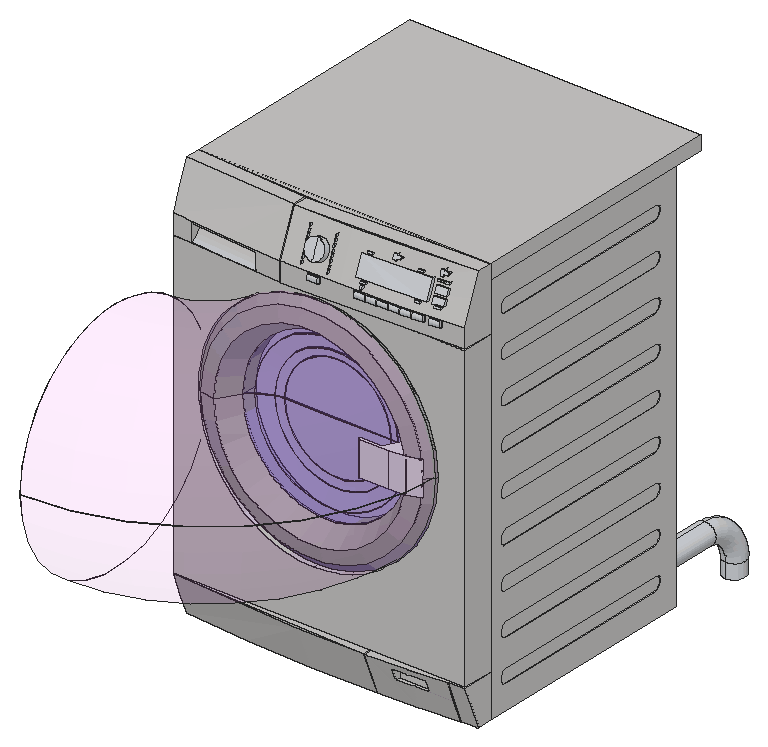
Revit family "QF_ELECTROLUXPROFESSIONAL_1L0A45_WE170V_E", category Attrezzature speciali, Revit 2021
Family settings
  Quota connettore circolare = Usa diametro
  Tipo di parte = Normale
  Basato su piano di lavoro = No
  Sempre verticale = Sì
  Taglio con vuoti quando caricato = No
  Condiviso = No
  Punto di calcolo locali = No
Parameters (values of type "914535406")
  Width = 596.5 mm
  Weight = 805
  Watts = 22000 W
  Volts = 230 V
  URL = "www.electroluxprofessional.com"
  Steam Pounds per Hour = 0
  Sensible Heat Output = "0.0"
  Prospetto di default = 0 mm
  Produttore = "Electrolux Professional"
  Phase = 1
  Modello = "WE170V"
  Length Actual = 597 mm
  Latent Heat Output = "0.0"
  Item Number = "1LSP99"
  Hot Water Size [instance] = 20 mm
  Height Actual = 850 mm
  Height = 846.7 mm
  Gas KW = 0
  Direct Waste Size [instance] = 32 mm
  Description = "myPRO SMART PROFESSIONAL WASHER WE170V 8KG VALVE 230-240/50/1N 2,2KW DE SCHUKO SST/DARK BLUE"
  Depth Actual = 624 mm
  Depth = 619.6 mm
  Cycle = 50 Hz
  Corrente [instance] = "96.0"
  Cold Water Size [instance] = 20 mm
Types (4, lengths in mm): name | Watts | Volts | Item Number | Description | Cycle | Corrente
  914535406 | 17000 W | 200 V | "1L0BJN" | "myPRO SMART PROFESSIONAL WASHER WE170V 8KG VALVE 200/60/1N 2,2KW JP SST/DARK BLUE" | 60 Hz | "85.0"
  914535413 | 22000 W | 230 V | "1LSP98" | "myPRO SMART PROFESSIONAL WASHER WE170V 8KG VALVE 230-240/50/1N 2,2KW EN PLUG-UK SST/DARK BLUE" | 50 Hz | "96.0"
  914535414 | 22000 W | 230 V | "1LSP99" | "myPRO SMART PROFESSIONAL WASHER WE170V 8KG VALVE 230-240/50/1N 2,2KW DE SCHUKO SST/DARK BLUE" | 50 Hz | "96.0"
  914535416 | 22000 W | 230 V | "1LSP9B" | "myPRO SMART PROFESSIONAL WASHER WE170V 8KG VALVE 230-240/50/1N 2,2KW SYMBOLS SCHUKO SST/DARK BLUE" | 50 Hz | "96.0"
Reference planes
  plane 1 "Center (Front/Back)": y = 0
  plane 2: z = 0
  plane 3 "Center (Left/Right)": x = 0
  plane 4 "LEFT": x = -298.25
  plane 5 "RIGHT": x = 298.25
  plane 6 "BACK": y = 309.8
  plane 7 "FRONT": y = -309.8
  plane 8 "voidPanel": through (0, -279.09, 846.678) normal (0, -0.9308, 0.3656)
Forms (mm)
  Extrusion 1, void
    sketch origin (0, 0, 0) x (1, 0, 0) y (0, 1, 0)
      loop
        line (298.25, -309.8) -> (348.25, -309.8) -> (348.25, -209.8) -> (298.25, -209.8) -> (298.25, -309.8)
    from 0 to 846.7
  Extrusion 2, void
    sketch origin (0, 0, 0) x (1, 0, 0) y (0, 1, 0)
      loop
        line (-298.25, -309.8) -> (-298.25, -209.8) -> (-348.25, -209.8) -> (-348.25, -309.8) -> (-298.25, -309.8)
    from 0 to 846.7
  Revolve 3, solid, material "QF_Finishes_Stainless Steel"
    sketch origin (0, 0, 0) x (0, 1, 0) y (0, 0, 1)
      loop
        line (-275.22, 846.7) -> (-309.8, 758.7) -> (-309.8, 96.5) -> (-275.22, 10.099) -> (-245.097, 10.099) -> (-245.097, 846.7) -> (-275.22, 846.7)
      axis (2693.07, 846.7) -> (2693.07, 10.099)
    angle from -6 to 6
  Extrusion 4, solid, material "QF_Finishes_Stainless Steel"
    sketch origin (0, 0, 0) x (1, 0, 0) y (0, 1, 0)
      loop
        line (-298.25, 244.903) -> (-298.25, -229.92) -> (298.25, -229.92) -> (298.25, 244.903) -> (-298.25, 244.903)
    from 10 to 816.7
  Extrusion 5, solid, material "QF_Finishes_Stainless Steel"
    sketch origin (0, 0, 816.7) x (-1, 0, 0) y (0, -1, 0)
      loop
        line (298.25, -309.8) -> (298.25, 245.097) -> (-298.25, 245.097) -> (-298.25, -309.8) -> (298.25, -309.8)
    from 0 to 30
  Extrusion 6, void
    sketch origin (0, -309.8, 0) x (0, 0, 1) y (-1, 0, 0)
      loop
        circle (464.1, 0) r 242.757
    from 0 to -500.517
  Revolve 7, solid, material "QF_Finishes_Gray"
    sketch origin (0, 0, 464.1) x (-1, 0, 0) y (0, -1, 0)
      loop
        line (242.774, 245.097) -> (242.774, 298.949) -> (226.774, 313.123) -> (196.73, 319.767) -> (170.5, 277.446) -> (170.5, 245.097) -> (242.774, 245.097)
      axis (0, 245.097) -> (0, 319.767)
    angle from 0 to 360
  Revolve 8, solid, material "Glass"
    sketch origin (0, 0, 464.1) x (-1, 0, 0) y (0, -1, 0)
      loop
        line (156.034, 264.421) -> (125.785, 250.116)
        arc (125.785, 250.116) -> (117.42, 247.776) -> (108.77, 246.987) r 47.824
        line (108.77, 246.987) -> (0, 246.987) -> (0, 244.987) -> (108.77, 244.987)
        arc (108.77, 244.987) -> (117.82, 245.816) -> (126.57, 248.275) r 49.824
        line (126.57, 248.275) -> (156.889, 262.613)
        arc (156.889, 262.613) -> (164.396, 267.382) -> (170.5, 273.851) r 35.892
        line (170.5, 273.851) -> (170.5, 277.446)
        arc (170.5, 277.446) -> (164.222, 269.872) -> (156.034, 264.421) r 33.892
      axis (0, 244.987) -> (0, 277.446)
    angle from 0 to 360
  Extrusion 9, void
    sketch origin (0, 0, 464.1) x (-1, 0, 0) y (0, -1, 0)
      loop
        line (278.25, -224.903) -> (278.25, 225.097) -> (-278.25, 225.097) -> (-278.25, -224.903) -> (278.25, -224.903)
    from -434.1 to 332.6
  Extrusion 10, void
    sketch origin (0, 0, 846.7) x (-1, 0, 0) y (0, -1, 0)
      loop
        arc (-298.25, 229.92) -> (0, 245.097) -> (298.25, 229.92) r 2938.166
        line (298.25, 229.92) -> (298.25, 260.198)
        arc (298.25, 260.198) -> (0, 275.22) -> (-298.25, 260.198) r 2968.289
        line (-298.25, 260.198) -> (-298.25, 229.92)
    from -30 to 0
  Extrusion 11, solid, material "QF_Finishes_Stainless Steel"
    sketch origin (0, 0, 846.7) x (-1, 0, 0) y (0, -1, 0)
      loop
        arc (-298.25, 229.92) -> (0, 245.097) -> (298.25, 229.92) r 2938.166
        line (298.25, 229.92) -> (298.25, 260.198)
        arc (298.25, 260.198) -> (0, 275.22) -> (-298.25, 260.198) r 2968.289
        line (-298.25, 260.198) -> (-298.25, 229.92)
    from 0 to -30
  Extrusion 12, solid
    sketch origin (0, 0, 846.7) x (-1, 0, 0) y (0, -1, 0)
      loop
        line (-148.308, 319.298) -> (-106.952, 319.298)
        arc (-106.952, 319.298) -> (-103.725, 322.526) -> (-106.952, 325.753) r 3.227
        line (-106.952, 325.753) -> (-166.755, 325.753)
        arc (-166.755, 325.753) -> (-197.413, 322.561) -> (-226.757, 313.123) r 148.849
        line (-226.757, 313.123) -> (-196.713, 319.767) -> (-170.483, 277.446) -> (-148.308, 319.298)
    from -417.516 to -347.516
  Extrusion 13, void
    sketch origin (0, 0, 0) x (0, 1, 0) y (0, 0, 1)
      loop
        line (-189.283, 738.954) -> (190.717, 738.954)
        arc (190.717, 738.954) -> (205.717, 753.954) -> (190.717, 768.954) r 15
        line (190.717, 768.954) -> (-189.283, 768.954)
        arc (-189.283, 768.954) -> (-204.283, 753.954) -> (-189.283, 738.954) r 15
      loop
        line (-189.283, 653.954) -> (190.717, 653.954)
        arc (190.717, 653.954) -> (205.717, 668.954) -> (190.717, 683.954) r 15
        line (190.717, 683.954) -> (-189.283, 683.954)
        arc (-189.283, 683.954) -> (-204.283, 668.954) -> (-189.283, 653.954) r 15
      loop
        arc (190.717, 568.954) -> (205.717, 583.954) -> (190.717, 598.954) r 15
        line (190.717, 598.954) -> (-189.283, 598.954)
        arc (-189.283, 598.954) -> (-204.283, 583.954) -> (-189.283, 568.954) r 15
        line (-189.283, 568.954) -> (190.717, 568.954)
      loop
        arc (-189.283, 513.954) -> (-204.283, 498.954) -> (-189.283, 483.954) r 15
        line (-189.283, 483.954) -> (190.717, 483.954)
        arc (190.717, 483.954) -> (205.717, 498.954) -> (190.717, 513.954) r 15
        line (190.717, 513.954) -> (-189.283, 513.954)
      loop
        arc (-189.283, 428.954) -> (-204.283, 413.954) -> (-189.283, 398.954) r 15
        line (-189.283, 398.954) -> (190.717, 398.954)
        arc (190.717, 398.954) -> (205.717, 413.954) -> (190.717, 428.954) r 15
        line (190.717, 428.954) -> (-189.283, 428.954)
      loop
        line (-189.283, 313.954) -> (190.717, 313.954)
        arc (190.717, 313.954) -> (205.717, 328.954) -> (190.717, 343.954) r 15
        line (190.717, 343.954) -> (-189.283, 343.954)
        arc (-189.283, 343.954) -> (-204.283, 328.954) -> (-189.283, 313.954) r 15
      loop
        arc (-189.283, 258.954) -> (-204.283, 243.954) -> (-189.283, 228.954) r 15
        line (-189.283, 228.954) -> (190.717, 228.954)
        arc (190.717, 228.954) -> (205.717, 243.954) -> (190.717, 258.954) r 15
        line (190.717, 258.954) -> (-189.283, 258.954)
      loop
        arc (-189.283, 173.954) -> (-204.283, 158.954) -> (-189.283, 143.954) r 15
        line (-189.283, 143.954) -> (190.717, 143.954)
        arc (190.717, 143.954) -> (205.717, 158.954) -> (190.717, 173.954) r 15
        line (190.717, 173.954) -> (-189.283, 173.954)
      loop
        arc (-189.283, 88.954) -> (-204.283, 73.954) -> (-189.283, 58.954) r 15
        line (-189.283, 58.954) -> (190.717, 58.954)
        arc (190.717, 58.954) -> (205.717, 73.954) -> (190.717, 88.954) r 15
        line (190.717, 88.954) -> (-189.283, 88.954)
    from 295 to 298.25
  Extrusion 14, void
    sketch origin (-298.25, 0, 0) x (0, 0, 1) y (0, -1, 0)
      loop
        line (768.954, -190.717) -> (768.954, 189.283)
        arc (768.954, 189.283) -> (753.954, 204.283) -> (738.954, 189.283) r 15
        line (738.954, 189.283) -> (738.954, -190.717)
        arc (738.954, -190.717) -> (753.954, -205.717) -> (768.954, -190.717) r 15
      loop
        arc (653.954, -190.717) -> (668.954, -205.717) -> (683.954, -190.717) r 15
        line (683.954, -190.717) -> (683.954, 189.283)
        arc (683.954, 189.283) -> (668.954, 204.283) -> (653.954, 189.283) r 15
        line (653.954, 189.283) -> (653.954, -190.717)
      loop
        line (598.954, -190.717) -> (598.954, 189.283)
        arc (598.954, 189.283) -> (583.954, 204.283) -> (568.954, 189.283) r 15
        line (568.954, 189.283) -> (568.954, -190.717)
        arc (568.954, -190.717) -> (583.954, -205.717) -> (598.954, -190.717) r 15
      loop
        arc (483.954, -190.717) -> (498.954, -205.717) -> (513.954, -190.717) r 15
        line (513.954, -190.717) -> (513.954, 189.283)
        arc (513.954, 189.283) -> (498.954, 204.283) -> (483.954, 189.283) r 15
        line (483.954, 189.283) -> (483.954, -190.717)
      loop
        line (398.954, 189.283) -> (398.954, -190.717)
        arc (398.954, -190.717) -> (413.954, -205.717) -> (428.954, -190.717) r 15
        line (428.954, -190.717) -> (428.954, 189.283)
        arc (428.954, 189.283) -> (413.954, 204.283) -> (398.954, 189.283) r 15
      loop
        arc (313.954, -190.717) -> (328.954, -205.717) -> (343.954, -190.717) r 15
        line (343.954, -190.717) -> (343.954, 189.283)
        arc (343.954, 189.283) -> (328.954, 204.283) -> (313.954, 189.283) r 15
        line (313.954, 189.283) -> (313.954, -190.717)
      loop
        arc (258.954, 189.283) -> (243.954, 204.283) -> (228.954, 189.283) r 15
        line (228.954, 189.283) -> (228.954, -190.717)
        arc (228.954, -190.717) -> (243.954, -205.717) -> (258.954, -190.717) r 15
        line (258.954, -190.717) -> (258.954, 189.283)
      loop
        arc (143.954, -190.717) -> (158.954, -205.717) -> (173.954, -190.717) r 15
        line (173.954, -190.717) -> (173.954, 189.283)
        arc (173.954, 189.283) -> (158.954, 204.283) -> (143.954, 189.283) r 15
        line (143.954, 189.283) -> (143.954, -190.717)
      loop
        line (88.954, -190.717) -> (88.954, 189.283)
        arc (88.954, 189.283) -> (73.954, 204.283) -> (58.954, 189.283) r 15
        line (58.954, 189.283) -> (58.954, -190.717)
        arc (58.954, -190.717) -> (73.954, -205.717) -> (88.954, -190.717) r 15
    from 0 to 3.25
  Extrusion 15, solid
    sketch origin (0, 0, 0) x (1, 0, 0) y (0, 1, 0)
      loop
        circle (-260.35, 212.4) r 20
    from 2.599 to 10
  Extrusion 16, solid
    sketch origin (0, 0, 0) x (1, 0, 0) y (0, 1, 0)
      loop
        circle (-260.35, 212.4) r 11
    from 0 to 3
  Extrusion 17, solid
    sketch origin (0, 0, 0) x (1, 0, 0) y (0, 1, 0)
      loop
        circle (260.35, 212.4) r 20
    from 3 to 10
  Extrusion 18, solid
    sketch origin (0, 0, 0) x (1, 0, 0) y (0, 1, 0)
      loop
        circle (260.35, 212.4) r 11
    from 0 to 3
  Extrusion 19, solid
    sketch origin (0, 0, 0) x (1, 0, 0) y (0, 1, 0)
      loop
        circle (-260.35, -214) r 20
    from 3 to 10
  Extrusion 20, solid
    sketch origin (0, 0, 0) x (1, 0, 0) y (0, 1, 0)
      loop
        circle (-260.35, -214) r 11
    from 0 to 3
  Extrusion 21, solid
    sketch origin (0, 0, 0) x (1, 0, 0) y (0, 1, 0)
      loop
        circle (260.35, -214) r 20
    from 3 to 10
  Extrusion 22, solid
    sketch origin (0, 0, 0) x (1, 0, 0) y (0, 1, 0)
      loop
        circle (260.35, -214) r 11
    from 0 to 3
  Sweep 23, solid
    path in 3D
      loop
        line (257.95, 444.903, -30.702) -> (257.95, 444.903, -0.7)
        arc (257.95, 444.903, -0.7) -> (257.95, 422.935, 52.336) -> (257.95, 369.899, 74.304) r 75.004
        line (257.95, 369.899, 74.304) -> (257.95, 244.903, 74.304)
    profile origin (257.95, 307.401, 74.304) x (0, 0, 1) y (-1, 0, 0)
      loop
        circle (-0.004, 0) r 22.25
  Blend 24, solid, material "QF_Finishes_Gray"
    base sketch origin (0, 244.903, 0) x (0, 0, 1) y (1, 0, 0)
      loop
        line (717.592, 70.741) -> (682.886, 203.828)
        arc (682.886, 203.828) -> (656.475, 243.36) -> (611.455, 258.643) r 73.949
        line (611.455, 258.643) -> (186.793, 258.643)
        arc (186.793, 258.643) -> (89.269, 219.323) -> (48.718, 122.304) r 136.362
        line (48.718, 122.304) -> (48.718, -122.304)
        arc (48.718, -122.304) -> (89.269, -219.322) -> (186.793, -258.643) r 136.362
        line (186.793, -258.643) -> (611.455, -258.643)
        arc (611.455, -258.643) -> (656.475, -243.36) -> (682.886, -203.828) r 73.949
        line (682.886, -203.828) -> (717.592, -70.741) -> (717.592, 70.741)
    top sketch origin (0, 244.903, 0) x (0, 0, 1) y (1, 0, 0)
      loop
        line (600.219, 199.866) -> (180.219, 199.866)
        arc (180.219, 199.866) -> (108.444, 170.809) -> (77.096, 100.006) r 103.177
        line (77.096, 100.006) -> (77.096, -100.006)
        arc (77.096, -100.006) -> (108.444, -170.809) -> (180.219, -199.865) r 103.177
        line (180.219, -199.865) -> (600.219, -199.865)
        arc (600.219, -199.865) -> (648.92, -183.679) -> (678.078, -141.448) r 80.887
        line (678.078, -141.448) -> (699.055, -63.159)
        arc (699.055, -63.159) -> (702.827, -43.9) -> (703.937, -24.306) r 143.552
        line (703.937, -24.306) -> (703.937, 24.306)
        arc (703.937, 24.306) -> (702.827, 43.9) -> (699.055, 63.159) r 143.552
        line (699.055, 63.159) -> (678.078, 141.448)
        arc (678.078, 141.448) -> (648.92, 183.679) -> (600.219, 199.866) r 80.887
    from 0 to 45
  Extrusion 25, solid
    sketch origin (0, 244.903, 0) x (0, 0, 1) y (1, 0, 0)
      loop
        circle (770.6, 175.06) r 5
    from 0 to 10
  Extrusion 26, solid
    sketch origin (0, 244.903, 0) x (0, 0, 1) y (1, 0, 0)
      loop
        circle (747.326, -204.287) r 10.551
    from 0 to 3
  Extrusion 27, solid
    sketch origin (0, 244.903, 0) x (0, 0, 1) y (1, 0, 0)
      loop
        circle (753.113, -128.946) r 10.957
    from 0 to 3
  Revolve 28, solid
    sketch origin (0, 0, 0) x (0, 1, 0) y (0, 0, 1)
      loop
        line (-288.963, 811.912) -> (-290.42, 812.457) -> (-288.648, 817.196) -> (-299.251, 821.16) -> (-306.378, 802.099) -> (-294.396, 797.379) -> (-288.963, 811.912)
      axis (-306.708, 802.229) -> (-294.396, 797.379)
    angle from 0 to 360
  Revolve 29, void
    sketch origin (-230.316, 19.843, 0) x (-0.085839, -0.996309, 0) y (0, 0, 1)
      loop
        arc (300.921, 756.57) -> (305.932, 736.74) -> (319.761, 721.669) r 41.748
        line (319.761, 721.669) -> (319.761, 756.57) -> (300.921, 756.57)
      axis (-2683.13, 756.57) -> (-2683.13, 721.669)
    angle from 0 to 2.65
  Extrusion 30, void
    sketch origin (0, -309.8, 0) x (0, 0, 1) y (-1, 0, 0)
      loop
        line (756.024, 11.1) -> (744.024, 11.1) -> (744.024, -11.9) -> (756.024, -11.9) -> (756.024, 11.1)
    from -2 to 2
  Extrusion 31, void
    sketch origin (0, -309.8, 0) x (0, 0, 1) y (-1, 0, 0)
      loop
        line (744.024, -82.491) -> (744.024, -105.291) -> (756.024, -105.291) -> (756.024, -82.491) -> (744.024, -82.491)
    from -4.2 to 3
  Extrusion 32, void
    sketch origin (0, -309.8, 0) x (0, 0, 1) y (-1, 0, 0)
      loop
        line (744.024, -105.691) -> (744.024, -128.291) -> (756.024, -128.291) -> (756.024, -105.691) -> (744.024, -105.691)
    from -5 to 3
  Extrusion 33, void
    sketch origin (0, -309.8, 0) x (0, 0, 1) y (-1, 0, 0)
      loop
        line (744.024, -128.691) -> (744.024, -151.291) -> (756.024, -151.291) -> (756.024, -128.691) -> (744.024, -128.691)
    from -6 to 3
  Extrusion 34, void
    sketch origin (0, -309.8, 0) x (0, 0, 1) y (-1, 0, 0)
      loop
        line (744.024, -151.691) -> (744.024, -174.291) -> (756.024, -174.291) -> (756.024, -151.691) -> (744.024, -151.691)
    from -7 to 3
  Extrusion 35, void
    sketch origin (0, -309.8, 0) x (0, 0, 1) y (-1, 0, 0)
      loop
        line (756.024, -174.691) -> (744.024, -174.691) -> (744.024, -197.291) -> (756.024, -197.291) -> (756.024, -174.691)
    from -8 to 3
  Extrusion 36, void
    sketch origin (0, -309.8, 0) x (0, 0, 1) y (-1, 0, 0)
      loop
        line (756.024, -197.691) -> (744.024, -197.691) -> (744.024, -220.291) -> (756.024, -220.291) -> (756.024, -197.691)
    from -10 to 3
  Extrusion 37, void
    sketch origin (0, -309.8, 0) x (0, 0, 1) y (-1, 0, 0)
      loop
        line (756.024, -231.191) -> (744.024, -231.191) -> (744.024, -253.791) -> (756.024, -253.791) -> (756.024, -231.191)
    from -12 to 3
  Revolve 38, solid
    sketch origin (0, 0, 0) x (0, 1, 0) y (0, 0, 1)
      loop
        arc (-311.022, 755.444) -> (-313.407, 750.198) -> (-312.569, 744.497) r 10.199
        line (-312.569, 744.497) -> (-308.8, 744.497) -> (-308.8, 755.444) -> (-311.022, 755.444)
      axis (2693.07, 755.444) -> (2693.07, 744.497)
    angle from -0.2 to 0.2
  Revolve 39, solid
    sketch origin (225.331, 18.987, 0) x (-0.083967, 0.996469, 0) y (0, 0, 1)
      loop
        line (-322.415, 744.497) -> (-318.664, 744.497) -> (-318.664, 755.444) -> (-320.867, 755.444)
        arc (-320.867, 755.444) -> (-323.262, 750.2) -> (-322.415, 744.497) r 10.15
      axis (2683.559, 755.444) -> (2683.559, 744.497)
    angle from 0.39 to 0
  Revolve 40, solid
    sketch origin (175.309, 11.964, -0.527) x (-0.065247, 0.997869, 0) y (0, 0, 1)
      loop
        arc (-316.803, 755.966) -> (-319.198, 750.722) -> (-318.35, 745.019) r 10.15
        line (-318.35, 745.019) -> (-314.581, 745.019) -> (-314.581, 755.966) -> (-316.803, 755.966)
      axis (2687.331, 755.966) -> (2687.331, 745.019)
    angle from 0 to 0.39
  Revolve 41, solid
    sketch origin (154.929, 8.943, 0) x (0.057625, -0.998338, 0) y (0, 0, 1)
      loop
        line (314.383, 755.444) -> (312.161, 755.444) -> (312.161, 744.497) -> (315.93, 744.497)
        arc (315.93, 744.497) -> (316.778, 750.2) -> (314.383, 755.444) r 10.15
      axis (-2688.595, 755.444) -> (-2688.595, 744.497)
    angle from 0 to -0.39
  Revolve 42, solid
    sketch origin (114.028, 4.837, 0) x (-0.042379, 0.999102, 0) y (0, 0, 1)
      loop
        arc (-312.044, 755.444) -> (-314.439, 750.2) -> (-313.591, 744.497) r 10.15
        line (-313.591, 744.497) -> (-309.822, 744.497) -> (-309.822, 755.444) -> (-312.044, 755.444)
      axis (2690.65, 755.444) -> (2690.65, 744.497)
    angle from 0 to 0.39
  Revolve 43, solid
    sketch origin (93.547, 3.253, 0) x (0.034757, -0.999396, 0) y (0, 0, 1)
      loop
        line (310.993, 755.444) -> (308.772, 755.444) -> (308.772, 744.497) -> (312.541, 744.497)
        arc (312.541, 744.497) -> (313.388, 750.2) -> (310.993, 755.444) r 10.15
      axis (-2691.442, 755.444) -> (-2691.442, 744.497)
    angle from 0 to -0.39
  Revolve 44, solid
    sketch origin (195.713, 14.299, -0.064) x (-0.072866, 0.997342, 0) y (0, 0, 1)
      loop
        line (-314.873, 744.555) -> (-314.873, 755.526) -> (-317.167, 755.526)
        arc (-317.167, 755.526) -> (-319.568, 750.27) -> (-318.708, 744.555) r 10.141
        line (-318.708, 744.555) -> (-314.873, 744.555)
      axis (2685.911, 755.526) -> (2685.911, 744.555)
    angle from 0 to 0.39
  Revolve 45, solid
    sketch origin (134.491, 6.733, 0) x (-0.050002, 0.998749, 0) y (0, 0, 1)
      loop
        line (-314.545, 744.497) -> (-310.794, 744.497) -> (-310.794, 755.444) -> (-312.997, 755.444)
        arc (-312.997, 755.444) -> (-315.392, 750.2) -> (-314.545, 744.497) r 10.15
      axis (2689.701, 755.444) -> (2689.701, 744.497)
    angle from 0 to 0.39
  Extrusion 46, void
    sketch origin (0, 0, 0) x (0, 1, 0) y (0, 0, 1)
      loop
        line (-252.57, 10.099) -> (-252.57, 96.5) -> (-320.672, 96.5) -> (-320.672, 10.099) -> (-252.57, 10.099)
    from 102 to 103.5
  Extrusion 47, void
    sketch origin (0, 0, 0) x (0, 1, 0) y (0, 0, 1)
      loop
        line (-252.57, 10.099) -> (-252.57, 96.5) -> (-320.672, 96.5) -> (-320.672, 10.099) -> (-252.57, 10.099)
    from 265 to 267.304
  Extrusion 48, void
    sketch origin (-298.25, 0, 0) x (0, 0, 1) y (0, -1, 0)
      loop
        line (846.7, 240.776) -> (846.7, 324.43) -> (718.7, 324.43) -> (718.7, 240.776) -> (846.7, 240.776)
    from 229 to 231.5
  Extrusion 49, void
    sketch origin (298.25, 0, 0) x (0, 0, 1) y (0, -1, 0)
      loop
        line (718.7, 229.92) -> (718.7, 330.753) -> (716.2, 330.753) -> (716.2, 229.92) -> (718.7, 229.92)
    from -600 to 3
  Extrusion 50, void
    sketch origin (298.25, 0, 0) x (0, 0, 1) y (0, -1, 0)
      loop
        line (96.5, 320.097) -> (96.5, 229.92) -> (99, 229.92) -> (99, 320.097) -> (96.5, 320.097)
    from -600 to 3
  Extrusion 51, void
    sketch origin (298.25, 0, 0) x (0, 0, 1) y (0, -1, 0)
      loop
        line (59.021, 279.876) -> (84.521, 279.876) -> (84.521, 312.8) -> (59.021, 312.8) -> (59.021, 279.876)
    from -145.491 to -78.384
  Extrusion 52, solid
    sketch origin (0, -309.8, 0) x (0, 0, 1) y (-1, 0, 0)
      loop
        line (830.108, -26.248) -> (825.608, -26.248) -> (825.608, -27.748) -> (830.108, -27.748) -> (830.108, -26.248)
      loop
        line (821.758, -26.248) -> (817.258, -26.248) -> (817.258, -27.748) -> (821.758, -27.748) -> (821.758, -26.248)
      loop
        line (813.408, -26.248) -> (808.908, -26.248) -> (808.908, -27.748) -> (813.408, -27.748) -> (813.408, -26.248)
      loop
        line (805.058, -26.248) -> (800.558, -26.248) -> (800.558, -27.748) -> (805.058, -27.748) -> (805.058, -26.248)
      loop
        line (792.208, -26.248) -> (792.208, -27.748) -> (796.7, -27.748) -> (796.7, -26.248) -> (792.208, -26.248)
      loop
        line (783.858, -26.248) -> (783.858, -27.748) -> (788.358, -27.748) -> (788.358, -26.248) -> (783.858, -26.248)
      loop
        line (775.508, -26.248) -> (775.508, -27.748) -> (780.008, -27.748) -> (780.008, -26.248) -> (775.508, -26.248)
      loop
        line (767.158, -26.248) -> (767.158, -27.748) -> (771.658, -27.748) -> (771.658, -26.248) -> (767.158, -26.248)
      loop
        line (825.608, 27.752) -> (825.608, 26.252) -> (830.108, 26.252) -> (830.108, 27.752) -> (825.608, 27.752)
      loop
        line (817.258, 27.752) -> (817.258, 26.252) -> (821.758, 26.252) -> (821.758, 27.752) -> (817.258, 27.752)
      loop
        line (808.908, 27.752) -> (808.908, 26.252) -> (813.408, 26.252) -> (813.408, 27.752) -> (808.908, 27.752)
      loop
        line (800.558, 27.752) -> (800.558, 26.252) -> (805.058, 26.252) -> (805.058, 27.752) -> (800.558, 27.752)
      loop
        line (792.208, 27.752) -> (792.208, 26.252) -> (796.7, 26.252) -> (796.7, 27.752) -> (792.208, 27.752)
      loop
        line (783.858, 27.752) -> (783.858, 26.252) -> (788.358, 26.252) -> (788.358, 27.752) -> (783.858, 27.752)
      loop
        line (775.508, 27.752) -> (775.508, 26.252) -> (780.008, 26.252) -> (780.008, 27.752) -> (775.508, 27.752)
      loop
        line (767.158, 27.752) -> (767.158, 26.252) -> (771.658, 26.252) -> (771.658, 27.752) -> (767.158, 27.752)
      loop
        line (819.143, -91.989) -> (819.143, -101.989) -> (822.143, -101.989) -> (822.143, -91.989) -> (819.143, -91.989)
      loop
        line (772.15, -91.989) -> (772.15, -101.989) -> (775.15, -101.989) -> (775.15, -91.989) -> (772.15, -91.989)
      loop
        line (762.775, -93.928) -> (762.775, -97.928) -> (769.475, -97.928) -> (769.475, -93.928) -> (762.775, -93.928)
      loop
        line (819.143, -191.861) -> (819.143, -201.861) -> (822.143, -201.861) -> (822.143, -191.861) -> (819.143, -191.861)
      loop
        line (772.15, -198.861) -> (772.15, -208.861) -> (775.15, -208.861) -> (775.15, -198.861) -> (772.15, -198.861)
      loop
        line (814.446, -230.991) -> (814.446, -237.491) -> (816.946, -237.491) -> (816.946, -230.991) -> (814.446, -230.991)
      loop
        line (816.946, -239.241) -> (814.446, -239.241) -> (814.446, -245.741) -> (816.946, -245.741) -> (816.946, -239.241)
      loop
        line (816.946, -247.491) -> (814.446, -247.491) -> (814.446, -253.991) -> (816.946, -253.991) -> (816.946, -247.491)
      loop
        line (808.046, -230.991) -> (796.046, -230.991) -> (796.046, -253.991) -> (808.046, -253.991) -> (808.046, -230.991)
      loop
        line (791.046, -230.991) -> (779.046, -230.991) -> (779.046, -253.991) -> (791.046, -253.991) -> (791.046, -230.991)
      loop
        line (773.046, -235.991) -> (773.046, -248.991) -> (776.546, -248.991) -> (776.546, -235.991) -> (773.046, -235.991)
      loop
        line (815.845, -81.665) -> (778.345, -81.665) -> (778.345, -221.665) -> (815.845, -221.665) -> (815.845, -81.665)
      loop
        line (823.434, -141.668) -> (823.434, -148.168) -> (825.186, -148.168)
        arc (825.186, -148.168) -> (825.862, -148.43) -> (826.186, -149.079) r 1.004
        line (826.186, -149.079) -> (826.761, -155.285)
        arc (826.761, -155.285) -> (827.085, -155.934) -> (827.761, -156.196) r 1.004
        line (827.761, -156.196) -> (830.526, -156.196)
        arc (830.526, -156.196) -> (831.202, -155.934) -> (831.526, -155.285) r 1.004
        line (831.526, -155.285) -> (832.101, -149.079)
        arc (832.101, -149.079) -> (832.559, -148.326) -> (833.434, -148.224) r 1.004
        line (833.434, -148.224) -> (833.434, -141.668) -> (823.434, -141.668)
      loop
        line (823.434, -233.563) -> (823.434, -240.063) -> (825.186, -240.063)
        arc (825.186, -240.063) -> (825.862, -240.325) -> (826.186, -240.974) r 1.004
        line (826.186, -240.974) -> (826.761, -247.18)
        arc (826.761, -247.18) -> (827.085, -247.829) -> (827.761, -248.091) r 1.004
        line (827.761, -248.091) -> (830.526, -248.091)
        arc (830.526, -248.091) -> (831.202, -247.829) -> (831.526, -247.18) r 1.004
        line (831.526, -247.18) -> (832.101, -240.974)
        arc (832.101, -240.974) -> (832.559, -240.222) -> (833.434, -240.12) r 1.004
        line (833.434, -240.12) -> (833.434, -233.563) -> (823.434, -233.563)
    from -45.246 to 5.217
  Revolve 53, void
    sketch origin (0, 0, 0) x (0, 1, 0) y (0, 0, 1)
      loop
        line (-311.514, 758.952) -> (-274.197, 853.952) -> (-327.007, 853.952) -> (-327.007, 758.952) -> (-311.514, 758.952)
      axis (2693.07, 853.952) -> (2693.07, 758.952)
    angle from 1 to -6
  Revolve 54, void
    sketch origin (0, 0, 0) x (0, 1, 0) y (0, 0, 1)
      loop
        line (-270.727, 839.015) -> (-301.294, 761.2) -> (-259.603, 761.2) -> (-259.603, 839.015) -> (-270.727, 839.015)
      axis (2693.07, 839.015) -> (2693.07, 761.2)
    angle from 1 to -5
  Revolve 55, solid, material "QF_Door-Drawer Clearances"
    sketch origin (0, -270.65, 0) x (-1, 0, 0) y (0, 0, 1)
      loop
        circle (0, 464.1) r 242.757
      axis (242.774, 464.1) -> (242.774, 463.1)
    angle from 0 to 90
Cuts and joins
  Extrusion 9, Extrusion 13, Extrusion 14, Revolve 29, Extrusion 49, Extrusion 50 cuts Extrusion 4
  Extrusion 1, Extrusion 2, Extrusion 6, Extrusion 10, Revolve 29, Extrusion 30, Extrusion 31, Extrusion 32, Extrusion 33, Extrusion 34, Extrusion 35, Extrusion 36, Extrusion 37, Extrusion 46, Extrusion 47, Extrusion 48, Extrusion 49, Extrusion 50, Extrusion 51, Revolve 54 cuts Revolve 3
  Revolve 29, Extrusion 46, Extrusion 47, Extrusion 48, Extrusion 49, Extrusion 50, Revolve 54 cuts Extrusion 11
  joined: Revolve 3, Extrusion 11
  Extrusion 10 cuts Extrusion 5
  Revolve 53, Revolve 54 cuts Extrusion 52
Lines and regions (mm)
  model lines
    curve 1: circle (257.95, 244.903, 74.3) r 22.25 normal (0, 1, 0)
    curve 5: line (253.366, -313.716, 0) -> (253.669, -317.455, 0)
  sketch lines
    curve 2: line (257.95, 369.899, 74.304) -> (257.95, 244.903, 74.304)
    curve 3: arc (257.95, 369.899, 74.304) -> (257.95, 422.935, 52.336) -> (257.95, 444.903, -0.7) r 75.004
    curve 4: line (257.95, 444.903, -30.702) -> (257.95, 444.903, -0.7)
  symbolic lines, style "QF_Door-Drawer Clearances"
    curve 6: line (-242.774, -756.198, 744.475) -> (-242.774, -270.65, 744.475)
    curve 7: arc (-242.774, -756.198, 744.475) -> (86.428, -627.558, 744.475) -> (241.193, -309.8, 744.475) r 485.548
    curve 8: line (-242.774, -756.198, 744.475) -> (-239.774, -756.198, 744.475)
Dimensions and locks
  equal spacing: plane 5 "RIGHT", plane 3 "Center (Left/Right)", plane 4 "LEFT"
  "Width": plane 5 "RIGHT" to plane 4 "LEFT"
  equal spacing: plane 7 "FRONT", plane 1 "Center (Front/Back)", plane 6 "BACK"
  "Depth": plane 7 "FRONT" to plane 6 "BACK"
  cut or joined group of Extrusion 5, Extrusion 10 to cut or joined group of Extrusion 5, Extrusion 10 = 596.5 mm
  plane 7 "FRONT" to plane 6 "BACK" = 619.6 mm
  curve 8 to plane 6 "BACK" = 1065.998 mm
  cut or joined group of Extrusion 1, Extrusion 2, Revolve 3, Extrusion 6, Extrusion 10, Extrusion 11, Revolve 29, Extrusion 30, Extrusion 31, Extrusion 32, Extrusion 33, Extrusion 34, Extrusion 35, Extrusion 36, Extrusion 37, Extrusion 46, Extrusion 47, Extrusion 48, Extrusion 49, Extrusion 50, Extrusion 51, Revolve 54 to level = 846.7 mm
  aligned and locked: level to plane 2
Automatic sketch dimensions
  Extrusion 1 sketch curve to plane 5 "RIGHT" = 0 mm
  plane 7 "FRONT" to Extrusion 1 sketch curve = 0 mm
  Extrusion 1 sketch curve to Extrusion 1 sketch curve = 50 mm
  plane 7 "FRONT" to Extrusion 2 sketch curve = 0 mm
  Extrusion 2 sketch curve to plane 4 "LEFT" = 0 mm
  Extrusion 2 sketch curve to Extrusion 2 sketch curve = 50 mm
  Revolve 3 sketch curve to plane 7 "FRONT" = 0 mm
  Revolve 3 sketch curve to level = 337.362 mm
  Extrusion 4 sketch curve to plane 4 "LEFT" = 0 mm
  Extrusion 4 sketch curve to plane 5 "RIGHT" = 0 mm
  Extrusion 5 sketch curve to plane 5 "RIGHT" = 0 mm
  Extrusion 5 sketch curve to plane 4 "LEFT" = 0 mm
  plane 6 "BACK" to Extrusion 5 sketch curve = 0 mm
  Extrusion 6 sketch curve to plane 3 "Center (Left/Right)" = 0 mm
  Revolve 7 sketch curve to plane 3 "Center (Left/Right)" = 0 mm
  plane 7 "FRONT" to Revolve 7 sketch curve = 3.323 mm
  Revolve 7 sketch curve to Revolve 7 sketch curve = 32.349 mm
  Revolve 7 sketch curve to plane 7 "FRONT" = 10.851 mm
  plane 7 "FRONT" to Revolve 7 sketch curve = 9.967 mm
  Revolve 7 sketch curve to plane 6 "BACK" = 1134.072 mm
  plane 7 "FRONT" to Revolve 7 sketch curve = 1124.917 mm
  Revolve 8 sketch curve to Revolve 8 sketch curve = 0 mm  (x5)
  Revolve 8 sketch curve to plane 3 "Center (Left/Right)" = 0 mm  (x2)
  Revolve 8 sketch curve to Revolve 8 sketch curve = 0.785 mm
  Revolve 8 sketch curve to Revolve 8 sketch curve = 0.855 mm
  Revolve 8 sketch curve to Revolve 8 sketch curve = 14.466 mm
  Revolve 8 sketch curve to Revolve 8 sketch curve = 1.288 mm
  Revolve 8 sketch curve to Revolve 8 sketch curve = 1.808 mm
  Revolve 8 sketch curve to Revolve 8 sketch curve = 9.43 mm
  Revolve 8 sketch curve to plane 6 "BACK" = 1134.072 mm
  plane 7 "FRONT" to Revolve 8 sketch curve = 1124.917 mm
  Extrusion 10 sketch curve to Extrusion 10 sketch curve = 0 mm  (x3)
  Extrusion 10 sketch curve to plane 5 "RIGHT" = 0 mm
  Extrusion 10 sketch curve to plane 3 "Center (Left/Right)" = 0 mm
  Extrusion 10 sketch curve to plane 4 "LEFT" = 0 mm
  Extrusion 11 sketch curve to Extrusion 11 sketch curve = 0 mm  (x3)
  Extrusion 11 sketch curve to plane 5 "RIGHT" = 0 mm
  Extrusion 11 sketch curve to plane 3 "Center (Left/Right)" = 0 mm
  Extrusion 11 sketch curve to plane 4 "LEFT" = 0 mm
  plane 7 "FRONT" to Extrusion 12 sketch curve = 3.323 mm
  plane 7 "FRONT" to Extrusion 12 sketch curve = 9.967 mm
  plane 7 "FRONT" to Extrusion 12 sketch curve = 9.498 mm
  Extrusion 12 sketch curve to Extrusion 12 sketch curve = 18.446 mm
  Extrusion 12 sketch curve to Extrusion 12 sketch curve = 41.357 mm
  Extrusion 13 sketch curve to Extrusion 13 sketch curve = 15 mm  (x9)
  Extrusion 13 sketch curve to Extrusion 13 sketch curve = 55 mm  (x8)
  Extrusion 14 sketch curve to Extrusion 14 sketch curve = 55 mm  (x8)
  Extrusion 14 sketch curve to Extrusion 14 sketch curve = 15 mm  (x9)
  profile plane to Sweep 23 sketch curve = 0 mm
  profile plane to Sweep 23 sketch curve = 0.004 mm
  Blend 24 sketch curve to Blend 24 sketch curve = 1.713 mm  (x2)
  plane 3 "Center (Left/Right)" to Blend 24 sketch curve = 70.741 mm
  plane 3 "Center (Left/Right)" to Blend 24 sketch curve = 26.006 mm
  Blend 24 sketch curve to plane 3 "Center (Left/Right)" = 26.006 mm
  Blend 24 sketch curve to Blend 24 sketch curve = 0 mm
  Blend 24 sketch curve to Blend 24 sketch curve = 0.156 mm  (x2)
  Blend 24 sketch curve to plane 3 "Center (Left/Right)" = 63.159 mm
  plane 3 "Center (Left/Right)" to Blend 24 sketch curve = 24.306 mm
  plane 3 "Center (Left/Right)" to Blend 24 sketch curve = 96.688 mm
  Revolve 28 sketch curve to plane 7 "FRONT" = 3.422 mm
  Revolve 28 sketch curve to plane 7 "FRONT" = 10.549 mm
  Revolve 28 sketch curve to Revolve 28 sketch curve = 11.981 mm
  Revolve 28 sketch curve to Revolve 28 sketch curve = 8.831 mm
  Revolve 28 sketch curve to Revolve 28 sketch curve = 1.772 mm
  Revolve 28 sketch curve to Revolve 28 sketch curve = 0 mm  (x4)
  Revolve 29 sketch curve to Revolve 29 sketch curve = 18.839 mm
  Revolve 29 sketch curve to Revolve 29 sketch curve = 22.908 mm
  Revolve 29 sketch curve to Revolve 29 sketch curve = 2984.051 mm
  plane 3 "Center (Left/Right)" to Extrusion 30 sketch curve = 11.9 mm
  Extrusion 30 sketch curve to plane 3 "Center (Left/Right)" = 11.1 mm
  Extrusion 31 sketch curve to Extrusion 31 sketch curve = 22.8 mm
  Extrusion 32 sketch curve to Extrusion 32 sketch curve = 22.6 mm
  Extrusion 33 sketch curve to Extrusion 33 sketch curve = 22.6 mm
  Extrusion 34 sketch curve to Extrusion 34 sketch curve = 22.6 mm
  Extrusion 36 sketch curve to Extrusion 36 sketch curve = 22.6 mm
  Extrusion 37 sketch curve to Extrusion 37 sketch curve = 22.6 mm
  Revolve 38 sketch curve to plane 7 "FRONT" = 6.491 mm
  Revolve 38 sketch curve to plane 7 "FRONT" = 1 mm
  plane 7 "FRONT" to Revolve 38 sketch curve = 1.222 mm
  plane 7 "FRONT" to Revolve 38 sketch curve = 2.769 mm
  Revolve 39 sketch curve to Revolve 39 sketch curve = 1.547 mm
  Revolve 39 sketch curve to Revolve 39 sketch curve = 2.203 mm
  Revolve 39 sketch curve to Revolve 39 sketch curve = 2996.771 mm
  Revolve 40 sketch curve to Revolve 40 sketch curve = 1.547 mm
  Revolve 40 sketch curve to Revolve 40 sketch curve = 3.769 mm
  Revolve 40 sketch curve to Revolve 40 sketch curve = 2996.479 mm
  Revolve 41 sketch curve to Revolve 41 sketch curve = 5.433 mm
  Revolve 41 sketch curve to Revolve 41 sketch curve = 2.222 mm
  Revolve 41 sketch curve to Revolve 41 sketch curve = 3.769 mm
  Revolve 41 sketch curve to Revolve 41 sketch curve = 2995.322 mm
  Revolve 42 sketch curve to Revolve 42 sketch curve = 1.548 mm
  Revolve 42 sketch curve to Revolve 42 sketch curve = 3.769 mm
  Revolve 42 sketch curve to Revolve 42 sketch curve = 2995.039 mm
  Revolve 43 sketch curve to Revolve 43 sketch curve = 5.433 mm
  Revolve 43 sketch curve to Revolve 43 sketch curve = 2.222 mm
  Revolve 43 sketch curve to Revolve 43 sketch curve = 3.769 mm
  Revolve 43 sketch curve to Revolve 43 sketch curve = 2994.781 mm
  Revolve 44 sketch curve to Revolve 44 sketch curve = 1.541 mm
  Revolve 44 sketch curve to Revolve 44 sketch curve = 3.835 mm
  Revolve 44 sketch curve to Revolve 44 sketch curve = 2995.436 mm
  Revolve 45 sketch curve to Revolve 45 sketch curve = 1.547 mm
  Revolve 45 sketch curve to Revolve 45 sketch curve = 2.203 mm
  Revolve 45 sketch curve to Revolve 45 sketch curve = 2995.043 mm
  plane 7 "FRONT" to Extrusion 46 sketch curve = 10.872 mm
  plane 7 "FRONT" to Extrusion 47 sketch curve = 10.872 mm
  plane 7 "FRONT" to Extrusion 48 sketch curve = 14.63 mm
  Extrusion 49 sketch curve to Extrusion 49 sketch curve = 2.5 mm
  plane 7 "FRONT" to Extrusion 49 sketch curve = 20.953 mm
  Extrusion 50 sketch curve to Extrusion 50 sketch curve = 2.5 mm
  plane 7 "FRONT" to Extrusion 50 sketch curve = 10.297 mm
  plane 7 "FRONT" to Extrusion 51 sketch curve = 3 mm
  Extrusion 51 sketch curve to plane 7 "FRONT" = 29.924 mm
  Extrusion 52 sketch curve to Extrusion 52 sketch curve = 5 mm  (x3)
  Extrusion 52 sketch curve to Extrusion 52 sketch curve = 3.85 mm  (x12)
  Extrusion 52 sketch curve to Extrusion 52 sketch curve = 4.5 mm  (x14)
  Extrusion 52 sketch curve to Extrusion 52 sketch curve = 2.5 mm  (x4)
  Extrusion 52 sketch curve to Extrusion 52 sketch curve = 6.7 mm
  Extrusion 52 sketch curve to Extrusion 52 sketch curve = 3.858 mm  (x2)
  Extrusion 52 sketch curve to Extrusion 52 sketch curve = 0 mm  (x18)
  Extrusion 52 sketch curve to Extrusion 52 sketch curve = 3 mm  (x4)
  Extrusion 52 sketch curve to Extrusion 52 sketch curve = 1.752 mm  (x2)
  Extrusion 52 sketch curve to Extrusion 52 sketch curve = 1 mm  (x8)
  Extrusion 52 sketch curve to Extrusion 52 sketch curve = 0.576 mm  (x2)
  Extrusion 52 sketch curve to Extrusion 52 sketch curve = 2.765 mm  (x2)
  Extrusion 52 sketch curve to Extrusion 52 sketch curve = 5.916 mm  (x2)
  Extrusion 52 sketch curve to Extrusion 52 sketch curve = 0.333 mm  (x2)
  Extrusion 52 sketch curve to Extrusion 52 sketch curve = 0.911 mm  (x4)
  Extrusion 52 sketch curve to Extrusion 52 sketch curve = 6.5 mm  (x3)
  Extrusion 52 sketch curve to Extrusion 52 sketch curve = 1.75 mm  (x2)
  Extrusion 52 sketch curve to Extrusion 52 sketch curve = 6.113 mm  (x4)
  Extrusion 52 sketch curve to Extrusion 52 sketch curve = 0.093 mm  (x4)
  Extrusion 52 sketch curve to Extrusion 52 sketch curve = 13 mm
  Extrusion 52 sketch curve to Extrusion 52 sketch curve = 6.557 mm  (x2)
  Extrusion 52 sketch curve to Extrusion 52 sketch curve = 9.327 mm
  Extrusion 52 sketch curve to Extrusion 52 sketch curve = 12.804 mm
  Extrusion 52 sketch curve to Extrusion 52 sketch curve = 19.804 mm
  Extrusion 52 sketch curve to Extrusion 52 sketch curve = 10 mm  (x3)
  Extrusion 52 sketch curve to Extrusion 52 sketch curve = 39.679 mm  (x2)
  Extrusion 52 sketch curve to Extrusion 52 sketch curve = 4.061 mm
  Extrusion 52 sketch curve to Extrusion 52 sketch curve = 4 mm
  Extrusion 52 sketch curve to Extrusion 52 sketch curve = 1.939 mm
  Extrusion 52 sketch curve to Extrusion 52 sketch curve = 10.324 mm
  plane 3 "Center (Left/Right)" to Extrusion 52 sketch curve = 27.748 mm  (x2)
  Extrusion 52 sketch curve to Extrusion 52 sketch curve = 1.5 mm  (x16)
  Extrusion 52 sketch curve to plane 3 "Center (Left/Right)" = 26.252 mm  (x2)
  plane 7 "FRONT" to Revolve 53 sketch curve = 1.714 mm
  Revolve 53 sketch curve to Revolve 53 sketch curve = 15.492 mm
  Revolve 54 sketch curve to Revolve 54 sketch curve = 11.124 mm
  Revolve 54 sketch curve to plane 7 "FRONT" = 8.506 mm
  Revolve 54 sketch curve to level = 337.362 mm
  plane 7 "FRONT" to curve 7 = 0 mm
  plane 7 "FRONT" to curve 6 = 446.398 mm
  Revolve 55 sketch curve to plane 3 "Center (Left/Right)" = 0 mm
  Revolve 7 sketch curve to Revolve 7 sketch curve = 26.23 mm
  Revolve 8 sketch curve to plane 3 "Center (Left/Right)" = 108.77 mm
  Revolve 8 sketch curve to plane 7 "FRONT" = 14.74 mm
  Revolve 8 sketch curve to Revolve 8 sketch curve = 32.775 mm
  Blend 24 sketch curve to plane 3 "Center (Left/Right)" = 70.741 mm
  Blend 24 sketch curve to plane 3 "Center (Left/Right)" = 96.688 mm
  Blend 24 sketch curve to plane 3 "Center (Left/Right)" = 100.006 mm
  Blend 24 sketch curve to Blend 24 sketch curve = 80.886 mm  (x2)
  Extrusion 12 sketch curve to Extrusion 12 sketch curve = 30.044 mm
  Extrusion 12 sketch curve to Extrusion 12 sketch curve = 26.23 mm
  plane 3 "Center (Left/Right)" to Blend 24 sketch curve = 122.292 mm
  Blend 24 sketch curve to Blend 24 sketch curve = 73.949 mm  (x2)
  plane 3 "Center (Left/Right)" to Blend 24 sketch curve = 100.006 mm
  plane 3 "Center (Left/Right)" to Extrusion 31 sketch curve = 105.291 mm
  plane 3 "Center (Left/Right)" to Extrusion 32 sketch curve = 128.291 mm
  Extrusion 35 sketch curve to Extrusion 35 sketch curve = 22.6 mm
  Extrusion 52 sketch curve to Extrusion 52 sketch curve = 35.665 mm
  plane 3 "Center (Left/Right)" to Blend 24 sketch curve = 122.304 mm
  Extrusion 52 sketch curve to Extrusion 52 sketch curve = 53.916 mm
  Extrusion 52 sketch curve to Extrusion 52 sketch curve = 2.572 mm
  plane 6 "BACK" to Extrusion 4 sketch curve = 64.897 mm
  plane 6 "BACK" to Extrusion 9 sketch curve = 84.897 mm
  plane 6 "BACK" to Extrusion 13 sketch curve = 119.083 mm
  Extrusion 13 sketch curve to Extrusion 13 sketch curve = 0 mm  (x15)
  plane 6 "BACK" to Extrusion 14 sketch curve = 119.083 mm
  Extrusion 14 sketch curve to Extrusion 14 sketch curve = 0 mm  (x16)
  plane 6 "BACK" to Extrusion 15 sketch curve = 97.4 mm
  plane 6 "BACK" to Extrusion 16 sketch curve = 97.4 mm
  plane 6 "BACK" to Extrusion 17 sketch curve = 97.4 mm
  plane 6 "BACK" to Extrusion 18 sketch curve = 97.4 mm
  Revolve 8 sketch curve to Revolve 8 sketch curve = 17.015 mm
  Revolve 8 sketch curve to Revolve 8 sketch curve = 5.129 mm
  Extrusion 1 sketch curve to plane 7 "FRONT" = 100 mm
  Extrusion 2 sketch curve to plane 7 "FRONT" = 100 mm
  Revolve 3 sketch curve to plane 7 "FRONT" = 34.58 mm  (x2)
  Revolve 3 sketch curve to Revolve 3 sketch curve = 30.123 mm
  Extrusion 4 sketch curve to plane 7 "FRONT" = 79.88 mm
  Extrusion 5 sketch curve to plane 7 "FRONT" = 64.703 mm
  Revolve 7 sketch curve to plane 7 "FRONT" = 64.703 mm
  Revolve 8 sketch curve to plane 7 "FRONT" = 45.379 mm
  Revolve 8 sketch curve to plane 7 "FRONT" = 64.813 mm
  Extrusion 9 sketch curve to plane 7 "FRONT" = 84.703 mm
  Extrusion 10 sketch curve to plane 7 "FRONT" = 79.88 mm
  Extrusion 10 sketch curve to Extrusion 10 sketch curve = 30.278 mm
  Extrusion 11 sketch curve to plane 7 "FRONT" = 79.88 mm
  Extrusion 11 sketch curve to Extrusion 11 sketch curve = 30.278 mm
  Extrusion 12 sketch curve to plane 7 "FRONT" = 32.354 mm
  Extrusion 12 sketch curve to Extrusion 12 sketch curve = 100.542 mm
  Extrusion 13 sketch curve to plane 7 "FRONT" = 120.517 mm  (x2)
  Extrusion 14 sketch curve to plane 7 "FRONT" = 120.517 mm
  Extrusion 19 sketch curve to plane 7 "FRONT" = 95.8 mm
  Extrusion 20 sketch curve to plane 7 "FRONT" = 95.8 mm
  Extrusion 21 sketch curve to plane 7 "FRONT" = 95.8 mm
  Extrusion 22 sketch curve to plane 7 "FRONT" = 95.8 mm
  Extrusion 46 sketch curve to plane 7 "FRONT" = 57.23 mm
  Extrusion 47 sketch curve to plane 7 "FRONT" = 57.23 mm
  Extrusion 48 sketch curve to plane 7 "FRONT" = 69.024 mm
  Extrusion 49 sketch curve to plane 7 "FRONT" = 79.88 mm
  Extrusion 50 sketch curve to plane 7 "FRONT" = 79.88 mm
  Revolve 53 sketch curve to plane 7 "FRONT" = 35.603 mm
  Revolve 54 sketch curve to plane 7 "FRONT" = 39.073 mm
  curve 7 to plane 7 "FRONT" = 39.15 mm
  curve 6 to curve 7 = 0 mm
  Extrusion 12 sketch curve to Extrusion 12 sketch curve = 3.729 mm
  Extrusion 9 sketch curve to plane 5 "RIGHT" = 20 mm
  Extrusion 12 sketch curve to plane 5 "RIGHT" = 71.493 mm
  Extrusion 17 sketch curve to plane 5 "RIGHT" = 37.9 mm
  Extrusion 18 sketch curve to plane 5 "RIGHT" = 37.9 mm
  Extrusion 21 sketch curve to plane 5 "RIGHT" = 37.9 mm
  Extrusion 22 sketch curve to plane 5 "RIGHT" = 37.9 mm
  curve 1 to plane 5 "RIGHT" = 40.3 mm
  Extrusion 25 sketch curve to plane 5 "RIGHT" = 123.19 mm
  Extrusion 33 sketch curve to plane 5 "RIGHT" = 146.959 mm
  Extrusion 34 sketch curve to plane 5 "RIGHT" = 123.959 mm
  Extrusion 35 sketch curve to plane 5 "RIGHT" = 100.959 mm
  Extrusion 36 sketch curve to plane 5 "RIGHT" = 77.959 mm
  Extrusion 37 sketch curve to plane 5 "RIGHT" = 44.459 mm
  plane 4 "LEFT" to Extrusion 9 sketch curve = 20 mm
  plane 4 "LEFT" to Revolve 7 sketch curve = 127.75 mm
  Revolve 7 sketch curve to Revolve 7 sketch curve = 30.044 mm
  plane 4 "LEFT" to Revolve 7 sketch curve = 55.476 mm
  plane 4 "LEFT" to Extrusion 15 sketch curve = 37.9 mm
  plane 4 "LEFT" to Extrusion 16 sketch curve = 37.9 mm
  plane 4 "LEFT" to Extrusion 19 sketch curve = 37.9 mm
  plane 4 "LEFT" to Extrusion 20 sketch curve = 37.9 mm
  Blend 24 sketch curve to plane 3 "Center (Left/Right)" = 122.292 mm
  Blend 24 sketch curve to plane 3 "Center (Left/Right)" = 122.304 mm
  plane 4 "LEFT" to Extrusion 26 sketch curve = 93.963 mm
  Extrusion 27 sketch curve to plane 3 "Center (Left/Right)" = 128.946 mm
  plane 4 "LEFT" to curve 8 = 58.476 mm
  curve 8 to curve 8 = 3 mm
  plane 4 "LEFT" to curve 7 = 55.476 mm
  Revolve 28 sketch curve to Revolve 28 sketch curve = 1.457 mm
  Revolve 28 sketch curve to Revolve 28 sketch curve = 4.739 mm
  Extrusion 52 sketch curve to Extrusion 52 sketch curve = 6.4 mm  (x2)
  Extrusion 52 sketch curve to Extrusion 52 sketch curve = 1.399 mm
  Extrusion 52 sketch curve to Extrusion 52 sketch curve = 3.299 mm  (x2)
  Extrusion 52 sketch curve to Extrusion 52 sketch curve = 6.488 mm
  Revolve 28 sketch curve to Revolve 28 sketch curve = 4.72 mm
  Revolve 28 sketch curve to Revolve 28 sketch curve = 14.533 mm
  Extrusion 52 sketch curve to Extrusion 52 sketch curve = 12 mm  (x2)
  Extrusion 52 sketch curve to Extrusion 52 sketch curve = 4.492 mm  (x2)
  level to Revolve 3 sketch curve = 10.099 mm
  level to Revolve 29 sketch curve = 21.881 mm
  level to Revolve 38 sketch curve = 21.881 mm
  level to Revolve 39 sketch curve = 21.902 mm
  level to Revolve 40 sketch curve = 21.375 mm
  level to Revolve 41 sketch curve = 21.902 mm
  level to Revolve 42 sketch curve = 21.902 mm
  level to Revolve 43 sketch curve = 21.902 mm
  level to Revolve 44 sketch curve = 21.838 mm
  level to Revolve 45 sketch curve = 21.902 mm
  level to Extrusion 46 sketch curve = 10.099 mm
  level to Extrusion 47 sketch curve = 10.099 mm
  level to Revolve 53 sketch curve = 21.902 mm
  Revolve 39 sketch curve to Revolve 39 sketch curve = 5.452 mm
  Revolve 40 sketch curve to Revolve 40 sketch curve = 5.433 mm
  Revolve 42 sketch curve to Revolve 42 sketch curve = 5.433 mm
  Revolve 44 sketch curve to Revolve 44 sketch curve = 5.348 mm
  Revolve 45 sketch curve to Revolve 45 sketch curve = 5.452 mm
  Extrusion 52 sketch curve to Extrusion 52 sketch curve = 1.291 mm
  Extrusion 30 sketch curve to Extrusion 30 sketch curve = 12 mm
  Extrusion 31 sketch curve to Extrusion 31 sketch curve = 12 mm
  Extrusion 32 sketch curve to Extrusion 32 sketch curve = 12 mm
  Extrusion 33 sketch curve to Extrusion 33 sketch curve = 12 mm
  Extrusion 34 sketch curve to Extrusion 34 sketch curve = 12 mm
  Extrusion 35 sketch curve to Extrusion 35 sketch curve = 12 mm
  Extrusion 36 sketch curve to Extrusion 36 sketch curve = 12 mm
  Extrusion 37 sketch curve to Extrusion 37 sketch curve = 12 mm
  Revolve 38 sketch curve to Revolve 38 sketch curve = 4.274 mm
  Revolve 39 sketch curve to Revolve 39 sketch curve = 4.282 mm
  Revolve 40 sketch curve to Revolve 40 sketch curve = 4.282 mm
  Revolve 41 sketch curve to Revolve 41 sketch curve = 4.282 mm
  Revolve 42 sketch curve to Revolve 42 sketch curve = 4.282 mm
  Revolve 43 sketch curve to Revolve 43 sketch curve = 4.282 mm
  Revolve 44 sketch curve to Revolve 44 sketch curve = 4.304 mm
  Revolve 45 sketch curve to Revolve 45 sketch curve = 4.282 mm
  Blend 24 sketch curve to Blend 24 sketch curve = 71.431 mm  (x2)
  Blend 24 sketch curve to Blend 24 sketch curve = 77.703 mm  (x2)
  Blend 24 sketch curve to Blend 24 sketch curve = 20.977 mm
  Blend 24 sketch curve to plane 3 "Center (Left/Right)" = 24.306 mm
  Revolve 29 sketch curve to Revolve 29 sketch curve = 34.901 mm
  Revolve 3 sketch curve to Revolve 3 sketch curve = 86.401 mm
  level to curve 1 = 74.3 mm
  Blend 24 sketch curve to plane 5 "RIGHT" = 39.607 mm
  level to Blend 24 sketch curve = 186.793 mm
  plane 4 "LEFT" to Blend 24 sketch curve = 39.607 mm
  level to Blend 24 sketch curve = 180.219 mm  (x2)
  level to Blend 24 sketch curve = 77.096 mm
  Extrusion 46 sketch curve to Extrusion 46 sketch curve = 86.401 mm
  Extrusion 47 sketch curve to Extrusion 47 sketch curve = 86.401 mm
  level to Extrusion 50 sketch curve = 96.5 mm
  level to Extrusion 51 sketch curve = 59.021 mm
  Extrusion 51 sketch curve to Extrusion 51 sketch curve = 25.5 mm
  Blend 24 sketch curve to Blend 24 sketch curve = 138.661 mm
  Blend 24 sketch curve to Blend 24 sketch curve = 39.825 mm
  Blend 24 sketch curve to Blend 24 sketch curve = 98.836 mm
  plane 4 "LEFT" to Revolve 55 sketch curve = 55.476 mm
  Revolve 55 sketch curve to level = 304.8 mm
  Revolve 3 sketch curve to Revolve 3 sketch curve = 662.2 mm
  Revolve 3 sketch curve to Revolve 3 sketch curve = 88 mm
  level to Revolve 3 sketch curve = 1246.462 mm
  level to Extrusion 6 sketch curve = 464.1 mm
  level to Extrusion 13 sketch curve = 58.954 mm
  level to Extrusion 14 sketch curve = 58.954 mm
  Blend 24 sketch curve to Blend 24 sketch curve = 424.662 mm  (x2)
  Blend 24 sketch curve to Blend 24 sketch curve = 34.705 mm
  Blend 24 sketch curve to Blend 24 sketch curve = 380.175 mm
  level to Extrusion 25 sketch curve = 770.6 mm
  level to Extrusion 26 sketch curve = 747.326 mm
  level to Extrusion 27 sketch curve = 753.113 mm
  level to Revolve 28 sketch curve = 797.379 mm
  level to Revolve 29 sketch curve = 756.57 mm
  Revolve 29 sketch curve to Revolve 29 sketch curve = 824.798 mm
  level to Extrusion 30 sketch curve = 744.024 mm
  level to Extrusion 31 sketch curve = 744.024 mm
  level to Extrusion 32 sketch curve = 744.024 mm
  level to Extrusion 33 sketch curve = 744.024 mm
  level to Extrusion 34 sketch curve = 744.024 mm
  level to Extrusion 35 sketch curve = 744.024 mm
  level to Extrusion 36 sketch curve = 744.024 mm
  level to Extrusion 37 sketch curve = 744.024 mm
  level to Revolve 38 sketch curve = 744.497 mm
  Revolve 38 sketch curve to Revolve 38 sketch curve = 824.798 mm
  level to Revolve 39 sketch curve = 744.497 mm
  Revolve 39 sketch curve to Revolve 39 sketch curve = 824.798 mm
  level to Revolve 40 sketch curve = 744.492 mm
  Revolve 40 sketch curve to Revolve 40 sketch curve = 824.798 mm
  level to Revolve 41 sketch curve = 748.779 mm
  Revolve 41 sketch curve to Revolve 41 sketch curve = 824.798 mm
  level to Revolve 42 sketch curve = 744.497 mm
  Revolve 42 sketch curve to Revolve 42 sketch curve = 824.798 mm
  level to Revolve 43 sketch curve = 748.779 mm
  Revolve 43 sketch curve to Revolve 43 sketch curve = 824.798 mm
  level to Revolve 44 sketch curve = 744.491 mm
  Revolve 44 sketch curve to Revolve 44 sketch curve = 824.798 mm
  level to Revolve 45 sketch curve = 744.497 mm
  Revolve 45 sketch curve to Revolve 45 sketch curve = 824.798 mm
  level to Extrusion 48 sketch curve = 718.7 mm
  Extrusion 48 sketch curve to Extrusion 48 sketch curve = 128 mm
  level to Extrusion 49 sketch curve = 716.2 mm
  level to Extrusion 52 sketch curve = 762.775 mm
  Extrusion 52 sketch curve to Extrusion 52 sketch curve = 2.317 mm
  Extrusion 52 sketch curve to Extrusion 52 sketch curve = 2.675 mm
  Extrusion 52 sketch curve to Extrusion 52 sketch curve = 0.896 mm
  Extrusion 52 sketch curve to Extrusion 52 sketch curve = 3.5 mm
  Extrusion 52 sketch curve to Extrusion 52 sketch curve = 3.195 mm
  level to Revolve 53 sketch curve = 758.952 mm
  Revolve 53 sketch curve to Revolve 53 sketch curve = 95 mm
  Revolve 53 sketch curve to Revolve 53 sketch curve = 824.798 mm
  level to Revolve 54 sketch curve = 761.2 mm
  Revolve 54 sketch curve to Revolve 54 sketch curve = 77.816 mm
  level to Revolve 54 sketch curve = 1246.462 mm
  level to Revolve 55 sketch curve = 464.1 mm
  Revolve 55 sketch curve to Revolve 55 sketch curve = 1974.3 mm
  Revolve 3 sketch curve to plane 6 "BACK" = 2383.27 mm
  Extrusion 10 sketch curve to plane 6 "BACK" = 2383.27 mm
  Extrusion 11 sketch curve to plane 6 "BACK" = 2383.27 mm
  Revolve 38 sketch curve to plane 6 "BACK" = 2383.27 mm
  Revolve 53 sketch curve to plane 6 "BACK" = 2383.27 mm
  Revolve 54 sketch curve to plane 6 "BACK" = 2383.27 mm
  radius of Extrusion 6 sketch curve = 242.757 mm
  radius of Extrusion 15 sketch curve = 20 mm
  radius of Extrusion 16 sketch curve = 11 mm
  radius of Extrusion 17 sketch curve = 20 mm
  radius of Extrusion 18 sketch curve = 11 mm
  radius of Extrusion 19 sketch curve = 20 mm
  radius of Extrusion 20 sketch curve = 11 mm
  radius of Extrusion 21 sketch curve = 20 mm
  radius of Extrusion 22 sketch curve = 11 mm
  radius of curve 1 = 22.25 mm
  radius of Sweep 23 sketch curve = 22.25 mm
  radius of Extrusion 25 sketch curve = 5 mm
  radius of Extrusion 26 sketch curve = 10.551 mm
  radius of Extrusion 27 sketch curve = 10.957 mm
  radius of Revolve 55 sketch curve = 242.757 mm
Connectors
  piping at (-128.946, 247.903, 753.113), diameter 12.7
    settings: on Extrusion 27, index 2, connector inside diameter 609.6 mm, connector length 0 mm, flow factor 0, pipe flow 0.0 L/s, pressure drop 0.0 Pa, fitting loss kfactor 0, connector angle 0.00°, fixture units 0, engagement length 0 mm, angle of deflection 0.00°, flow configuration 1, flow direction 1, fitting loss method 0, system type 20, joint type 0, gender type 0, connector reference index -1, connector utility 0, adjustable connector no, is connector primary yes, connector description "Cold Water Inlet"
  piping at (-204.287, 247.903, 747.326), diameter 12.7
    settings: on Extrusion 26, index 3, connector inside diameter 609.6 mm, connector length 0 mm, flow factor 0, pipe flow 0.0 L/s, pressure drop 0.0 Pa, fitting loss kfactor 0, connector angle 0.00°, fixture units 0, engagement length 0 mm, angle of deflection 0.00°, flow configuration 1, flow direction 1, fitting loss method 0, system type 19, joint type 0, gender type 0, connector reference index -1, connector utility 0, adjustable connector no, is connector primary no, connector description "Hot Water Inlet"
  piping at (257.95, 244.903, 74.3), diameter 17
    settings: on Sweep 23, index 4, connector inside diameter 609.6 mm, connector length 0 mm, flow factor 0, pipe flow 0.0 L/s, pressure drop 0.0 Pa, fitting loss kfactor 0, connector angle 0.00°, fixture units 0, engagement length 0 mm, angle of deflection 0.00°, flow configuration 1, flow direction 2, fitting loss method 0, system type 16, joint type 0, gender type 0, connector reference index -1, connector utility 0, adjustable connector no, is connector primary no, connector description "Drain"
  electrical at (175.06, 254.903, 770.6)
    settings: on Extrusion 25, index 5, voltage 0 V, apparent load 0 VA, apparent load phase1 0 VA, apparent load phase2 0 VA, apparent load phase3 0 VA, power factor 1, load classification "Other", number of poles 1, system type 30, power factor state 1, is connector primary yes, connector utility no, sub classification motor no, connector description "Electrical Connection"
